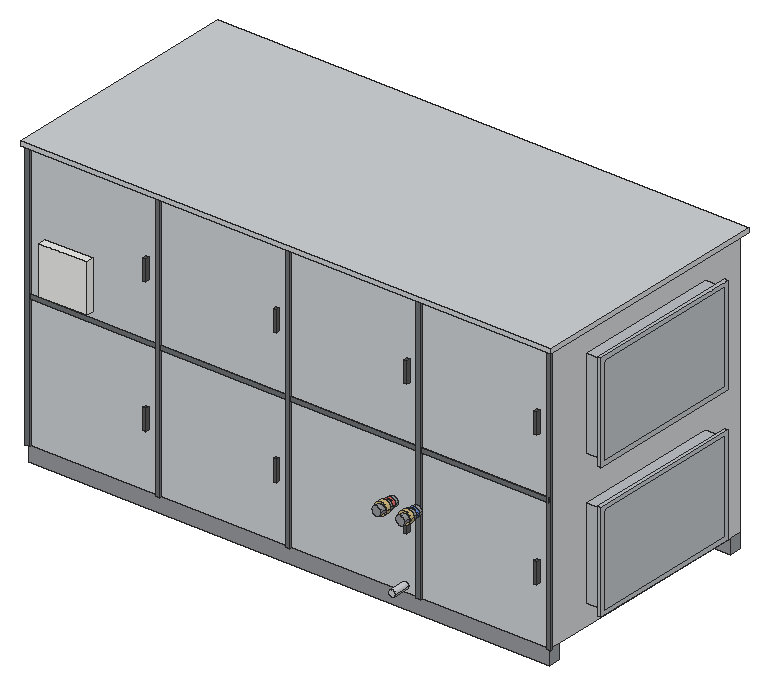
Revit family "CVC_CTA_VIM_CAD-O-INTEGRAL", category Equipement de génie climatique, Revit 2026
Family settings
  Cote de connecteur circulaire = Utiliser le diamètre
  Type d'élément = Normal
  Basée sur le plan de construction = Non
  Toujours verticalement = Oui
  Couper avec des vides une fois chargée = Non
  Conserver l'orientation des annotations = Non
  Partagée = Non
  Repère de localisation dans la pièce = Non
Parameters (values of type "CTA 5 - zone commune")
  Source = "CCTP lot 12 § 4.11"
  Modèle = "CAD O INTEGRAL"
  Fabricant = "VIM"
  Elévation par défaut = 0 mm
  Description = "CTA double flux locaux communs, roue de récupération"
  Caractéristiques CCTP = "8 800 m3/h, débit variable, arrêt la nuit"
  A vérifier = "Dimensions approximatives (3500x1600x1900 mm) : prendre la fiche VIM"
Reference planes
  plane 1 "Centre (avant/arrière)": y = 0
  plane 2: z = 0
  plane 3 "Centre (gauche/droite)": x = 0
Forms (mm)
  Extrusion 1, solid, material "EHPAD_acier"
    sketch origin (0, 0, 0) x (1, 0, 0) y (0, 1, 0)
      loop
        line (-1750, -800) -> (1750, -800) -> (1750, -720) -> (-1750, -720) -> (-1750, -800)
    from 0 to 100
  Extrusion 2, solid, material "EHPAD_acier"
    sketch origin (0, 0, 0) x (1, 0, 0) y (0, 1, 0)
      loop
        line (-1750, 720) -> (1750, 720) -> (1750, 800) -> (-1750, 800) -> (-1750, 720)
    from 0 to 100
  Extrusion 3, solid, material "EHPAD_gris"
    sketch origin (0, 0, 100) x (1, 0, 0) y (0, 1, 0)
      loop
        line (-1750, -800) -> (1750, -800) -> (1750, 800) -> (-1750, 800) -> (-1750, -800)
    from 0 to 1800
  Extrusion 4, solid, material "EHPAD_gris"
    sketch origin (0, 0, 1900) x (1, 0, 0) y (0, 1, 0)
      loop
        line (-1780, -830) -> (1780, -830) -> (1780, 830) -> (-1780, 830) -> (-1780, -830)
    from 0 to 30
  Extrusion 5, solid, material "EHPAD_anthracite"
    sketch origin (0, 0, 100) x (1, 0, 0) y (0, 1, 0)
      loop
        line (-1765, -808) -> (-1735, -808) -> (-1735, -800) -> (-1765, -800) -> (-1765, -808)
    from 0 to 1800
  Extrusion 6, solid, material "EHPAD_anthracite"
    sketch origin (0, 0, 100) x (1, 0, 0) y (0, 1, 0)
      loop
        line (-890, -808) -> (-860, -808) -> (-860, -800) -> (-890, -800) -> (-890, -808)
    from 0 to 1800
  Extrusion 7, solid, material "EHPAD_anthracite"
    sketch origin (0, 0, 100) x (1, 0, 0) y (0, 1, 0)
      loop
        line (-15, -808) -> (15, -808) -> (15, -800) -> (-15, -800) -> (-15, -808)
    from 0 to 1800
  Extrusion 8, solid, material "EHPAD_anthracite"
    sketch origin (0, 0, 100) x (1, 0, 0) y (0, 1, 0)
      loop
        line (860, -808) -> (890, -808) -> (890, -800) -> (860, -800) -> (860, -808)
    from 0 to 1800
  Extrusion 9, solid, material "EHPAD_anthracite"
    sketch origin (0, 0, 100) x (1, 0, 0) y (0, 1, 0)
      loop
        line (1735, -808) -> (1765, -808) -> (1765, -800) -> (1735, -800) -> (1735, -808)
    from 0 to 1800
  Extrusion 10, solid, material "EHPAD_anthracite"
    sketch origin (0, 0, 985) x (1, 0, 0) y (0, 1, 0)
      loop
        line (-1750, -808) -> (1750, -808) -> (1750, -800) -> (-1750, -800) -> (-1750, -808)
    from 0 to 30
  Extrusion 11, solid, material "EHPAD_noir"
    sketch origin (0, 0, 480) x (1, 0, 0) y (0, 1, 0)
      loop
        line (-955, -830) -> (-935, -830) -> (-935, -808) -> (-955, -808) -> (-955, -830)
    from 0 to 140
  Extrusion 12, solid, material "EHPAD_noir"
    sketch origin (0, 0, 1380) x (1, 0, 0) y (0, 1, 0)
      loop
        line (-955, -830) -> (-935, -830) -> (-935, -808) -> (-955, -808) -> (-955, -830)
    from 0 to 140
  Extrusion 13, solid, material "EHPAD_noir"
    sketch origin (0, 0, 480) x (1, 0, 0) y (0, 1, 0)
      loop
        line (-80, -830) -> (-60, -830) -> (-60, -808) -> (-80, -808) -> (-80, -830)
    from 0 to 140
  Extrusion 14, solid, material "EHPAD_noir"
    sketch origin (0, 0, 1380) x (1, 0, 0) y (0, 1, 0)
      loop
        line (-80, -830) -> (-60, -830) -> (-60, -808) -> (-80, -808) -> (-80, -830)
    from 0 to 140
  Extrusion 15, solid, material "EHPAD_noir"
    sketch origin (0, 0, 480) x (1, 0, 0) y (0, 1, 0)
      loop
        line (795, -830) -> (815, -830) -> (815, -808) -> (795, -808) -> (795, -830)
    from 0 to 140
  Extrusion 16, solid, material "EHPAD_noir"
    sketch origin (0, 0, 1380) x (1, 0, 0) y (0, 1, 0)
      loop
        line (795, -830) -> (815, -830) -> (815, -808) -> (795, -808) -> (795, -830)
    from 0 to 140
  Extrusion 17, solid, material "EHPAD_noir"
    sketch origin (0, 0, 480) x (1, 0, 0) y (0, 1, 0)
      loop
        line (1670, -830) -> (1690, -830) -> (1690, -808) -> (1670, -808) -> (1670, -830)
    from 0 to 140
  Extrusion 18, solid, material "EHPAD_noir"
    sketch origin (0, 0, 1380) x (1, 0, 0) y (0, 1, 0)
      loop
        line (1670, -830) -> (1690, -830) -> (1690, -808) -> (1670, -808) -> (1670, -830)
    from 0 to 140
  Extrusion 19, solid, material "EHPAD_galva"
    sketch origin (-1750, 0, 550) x (0, -1, 0) y (0, 0, 1)
      loop
        line (500, -300) -> (500, 300) -> (-500, 300) -> (-500, -300) -> (500, -300)
    from 0 to 130
  Extrusion 20, solid, material "EHPAD_galva"
    sketch origin (-1860, 0, 550) x (0, -1, 0) y (0, 0, 1)
      loop
        line (530, -330) -> (530, 330) -> (-530, 330) -> (-530, -330) -> (530, -330)
    from 0 to 20
  Extrusion 21, solid, material "EHPAD_galva"
    sketch origin (-1750, 0, 1450) x (0, -1, 0) y (0, 0, 1)
      loop
        line (500, -300) -> (500, 300) -> (-500, 300) -> (-500, -300) -> (500, -300)
    from 0 to 130
  Extrusion 22, solid, material "EHPAD_galva"
    sketch origin (-1860, 0, 1450) x (0, -1, 0) y (0, 0, 1)
      loop
        line (530, -330) -> (530, 330) -> (-530, 330) -> (-530, -330) -> (530, -330)
    from 0 to 20
  Extrusion 23, solid, material "EHPAD_galva"
    sketch origin (1750, 0, 550) x (0, 1, 0) y (0, 0, 1)
      loop
        line (-500, -300) -> (500, -300) -> (500, 300) -> (-500, 300) -> (-500, -300)
    from 0 to 130
  Extrusion 24, solid, material "EHPAD_galva"
    sketch origin (1860, 0, 550) x (0, 1, 0) y (0, 0, 1)
      loop
        line (-530, -330) -> (530, -330) -> (530, 330) -> (-530, 330) -> (-530, -330)
    from 0 to 20
  Extrusion 25, solid, material "EHPAD_galva"
    sketch origin (1750, 0, 1450) x (0, 1, 0) y (0, 0, 1)
      loop
        line (-500, -300) -> (500, -300) -> (500, 300) -> (-500, 300) -> (-500, -300)
    from 0 to 130
  Extrusion 26, solid, material "EHPAD_galva"
    sketch origin (1860, 0, 1450) x (0, 1, 0) y (0, 0, 1)
      loop
        line (-530, -330) -> (530, -330) -> (530, 330) -> (-530, 330) -> (-530, -330)
    from 0 to 20
  Extrusion 27, solid, material "EHPAD_acier"
    sketch origin (707.5, -808, 630) x (0, 0, -1) y (1, 0, 0)
      loop
        circle (0, 0) r 30.15
    from 0 to 140
  Extrusion 28, solid, material "EHPAD_chaud"
    sketch origin (707.5, -833.2, 630) x (0, 0, -1) y (1, 0, 0)
      loop
        circle (0, 0) r 33.15
    from 0 to 19.6
  Extrusion 29, solid, material "EHPAD_laiton"
    sketch origin (707.5, -885, 630) x (0, 0, -1) y (1, 0, 0)
      loop
        circle (0, 0) r 41.195
    from 0 to 30
  Extrusion 30, solid, material "EHPAD_acier"
    sketch origin (867.5, -808, 630) x (0, 0, -1) y (1, 0, 0)
      loop
        circle (0, 0) r 30.15
    from 0 to 140
  Extrusion 31, solid, material "EHPAD_froid"
    sketch origin (867.5, -833.2, 630) x (0, 0, -1) y (1, 0, 0)
      loop
        circle (0, 0) r 33.15
    from 0 to 19.6
  Extrusion 32, solid, material "EHPAD_laiton"
    sketch origin (867.5, -885, 630) x (0, 0, -1) y (1, 0, 0)
      loop
        circle (0, 0) r 41.195
    from 0 to 30
  Extrusion 33, solid, material "EHPAD_gris"
    sketch origin (787.5, -808, 150) x (0, 0, -1) y (1, 0, 0)
      loop
        circle (0, 0) r 21.2
    from 0 to 110
  Extrusion 34, solid, material "EHPAD_blanc"
    sketch origin (0, 0, 1060) x (1, 0, 0) y (0, 1, 0)
      loop
        line (-1630, -860) -> (-1310, -860) -> (-1310, -808) -> (-1630, -808) -> (-1630, -860)
    from 0 to 320
Dimensions and locks
  aligned and locked: level to plane 2
Connectors
  hvac at (-1880, 0, 550)
    settings: on Extrusion 19, index 1, duct flow 0.0 L/s, flow factor 0, pres drop 0.0 Pa, loss coef 0, conn angle 0.00°, conn width 1000 mm, conn height 600 mm, conn diameter 609.6 mm, duct sys type 4, conn prof type 1, flow config 0, flow direction 0, loss method 0, conn ref index -1, conn util no, is conn primary yes, conn desc "Air neuf"
  hvac at (-1880, 0, 1450)
    settings: on Extrusion 21, index 2, duct flow 0.0 L/s, flow factor 0, pres drop 0.0 Pa, loss coef 0, conn angle 0.00°, conn width 1000 mm, conn height 600 mm, conn diameter 609.6 mm, duct sys type 3, conn prof type 1, flow config 0, flow direction 0, loss method 0, conn ref index -1, conn util no, is conn primary no, conn desc "Rejet"
  hvac at (1880, 0, 550)
    settings: on Extrusion 23, index 3, duct flow 0.0 L/s, flow factor 0, pres drop 0.0 Pa, loss coef 0, conn angle 0.00°, conn width 1000 mm, conn height 600 mm, conn diameter 609.6 mm, duct sys type 1, conn prof type 1, flow config 0, flow direction 0, loss method 0, conn ref index -1, conn util no, is conn primary no, conn desc "Soufflage"
  hvac at (1880, 0, 1450)
    settings: on Extrusion 25, index 4, duct flow 0.0 L/s, flow factor 0, pres drop 0.0 Pa, loss coef 0, conn angle 0.00°, conn width 1000 mm, conn height 600 mm, conn diameter 609.6 mm, duct sys type 2, conn prof type 1, flow config 0, flow direction 0, loss method 0, conn ref index -1, conn util no, is conn primary no, conn desc "Reprise"
  piping at (707.5, -948, 630), diameter 50
    settings: on Extrusion 27, index 5, connector inside diameter 609.6 mm, connector length 0 mm, flow factor 0, pipe flow 0.0 L/s, pressure drop 0.0 Pa, fitting loss kfactor 0, connector angle 0.00°, fixture units 0, engagement length 0 mm, angle of deflection 0.00°, flow configuration 0, flow direction 0, fitting loss method 0, system type 7, joint type 0, gender type 0, connector reference index -1, connector utility 0, adjustable connector no, is connector primary yes, connector description "Batterie change-over départ"
  piping at (867.5, -948, 630), diameter 50
    settings: on Extrusion 30, index 6, connector inside diameter 609.6 mm, connector length 0 mm, flow factor 0, pipe flow 0.0 L/s, pressure drop 0.0 Pa, fitting loss kfactor 0, connector angle 0.00°, fixture units 0, engagement length 0 mm, angle of deflection 0.00°, flow configuration 0, flow direction 0, fitting loss method 0, system type 8, joint type 0, gender type 0, connector reference index -1, connector utility 0, adjustable connector no, is connector primary no, connector description "Batterie change-over retour"
  piping at (787.5, -918, 150), diameter 32
    settings: on Extrusion 33, index 7, connector inside diameter 609.6 mm, connector length 0 mm, flow factor 0, pipe flow 0.0 L/s, pressure drop 0.0 Pa, fitting loss kfactor 0, connector angle 0.00°, fixture units 0, engagement length 0 mm, angle of deflection 0.00°, flow configuration 0, flow direction 0, fitting loss method 0, system type 16, joint type 0, gender type 0, connector reference index -1, connector utility 0, adjustable connector no, is connector primary no, connector description "Condensats"
